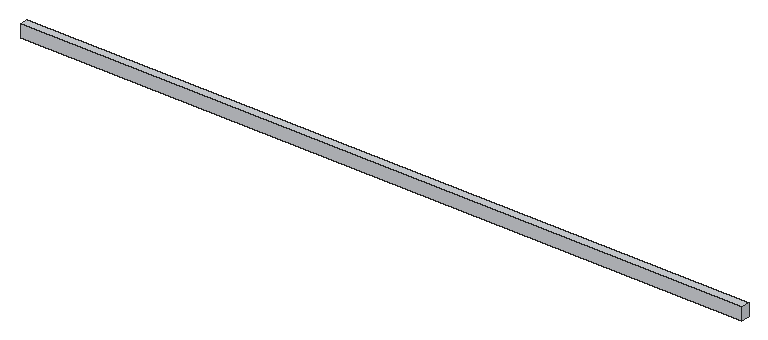
Revit family "LUMINOUS NEON RGBW 1217_NF1217RGBW", category Luminarias, Revit 2019
Family settings
  Cota de conector redondo = Diámetro de uso
  Tipo de pieza = Normal
  Se basa en plano de trabajo = Sí
  Siempre vertical = No
  Corte con vacíos al cargar = No
  Origen de luz = Sí
  Compartido = No
  Punto de cálculo de habitación = No
Parameters (values of type "LUMINOUS NEON RGBW 1217_NF1217RGBW")
  Zone [instance] = ""
  Watt per fixture [instance] = (Longitud / 1000 mm) * (16.5)  # 16.5
  Wattage = 16.5 W
  built-in parameter 1150107 = 4000 (stored number, unit not read)
  Light Source Symbol Size = 609.6 mm
  built-in parameter 1150110 = 1 (stored number, unit not read)
  built-in parameter 1150109 = 1 (stored number, unit not read)
  built-in parameter 1150112 = 1 (stored number, unit not read)
  built-in parameter 1150113 = 1 (stored number, unit not read)
  built-in parameter 1114218 = 1 (stored number, unit not read)
  built-in parameter 1150137 = (empty or 0)
  built-in parameter 1150132 = (empty or 0)
  Modelo Lampara = "2835 SMD"
  Modelo = "NF1217RGBW"
  Marca = "BRILLANT"
  Longitud de línea de emisión = 600 mm
  Longitud [instance] = 1000 mm
  built-in parameter 1150105 = 273.11 (stored number, unit not read)
  built-in parameter 1150102 = (empty or 0)
  built-in parameter 1150106 = 2.7311 (stored number, unit not read)
  Lumens = 858 lm
  Color Filter = 16777215
  built-in parameter 1114217 = 1 (stored number, unit not read)
  built-in parameter 1150139 = (empty or 0)
  Fabricante = "BRILLANT"
  Default Elevation = 0 mm
  built-in parameter 1150104 = 4.831 (stored number, unit not read)
  Descripción = "TIRA LUMINOSA NEON1217, CON UNA POTENCIA DE 16.5W/M DE UN TIPO DE LED 2835 SMD, USO PARA EXTERIORES IP67, IK 08, PRESENTACION DE 5M, CORTE 6.25CM, TEMPERATURA EN RGB 2700, 3500, 4000, 4700K, AMPERAJE A 0.6A, ALIMENTADO A 24V, REQUIERE ACCESORIOS."
  built-in parameter 1150115 = 1 (stored number, unit not read)
  built-in parameter 1150114 = 1 (stored number, unit not read)
  Costo USD_NF1217RGBW [instance] = (Longitud / 1000 mm) * (42)  # 42
  Comentarios de vataje = "24"
  built-in parameter 1150138 = (empty or 0)
  built-in parameter 1150134 = 12
  Circuit [instance] = ""
  Dimming Lamp Color Temperature Shift = (empty or 0)
  Ancho = 12 mm
  Altura = 17 mm
  built-in parameter 1150133 = 10 (stored number, unit not read)
Reference planes
  plane 1 "Centro (Frontal/Posterior)": y = 0
  plane 2: z = 0
  plane 3 "Centro (Izquierda/Derecha)": x = 0
  plane 4 "IZQ": x = -1000
  plane 5: z = 17
  plane 6: y = -6
  plane 7: y = 6
Forms (mm)
  Extrusion 1, solid
    sketch origin (0, 0, 0) x (1, 0, 0) y (0, 1, 0)
      loop
        line (-1000, 6) -> (-1000, -6) -> (0, -6) -> (0, 6) -> (-1000, 6)
    from 0 to 17
Dimensions and locks
  plane 5 to imposter light = 17 mm
  equal spacing: plane 6, plane 1 "Centro (Frontal/Posterior)", plane 7
  plane 6 to plane 1 "Centro (Frontal/Posterior)" = 6 mm
  "Ancho": plane 6 to plane 7
  "Altura": plane 5 to plane 2
  "Longitud": plane 4 "IZQ" to plane 3 "Centro (Izquierda/Derecha)"
  aligned and locked: level to plane 2
  aligned and locked: plane 4 "IZQ" to Extrusion 1
  aligned and locked: plane 5 to Extrusion 1
  aligned and locked: Extrusion 1 to plane 6
  aligned and locked: plane 3 "Centro (Izquierda/Derecha)" to Extrusion 1
Automatic sketch dimensions
  Extrusion 1 sketch curve to plane 4 "IZQ" = 0 mm
  plane 6 to Extrusion 1 sketch curve = 0 mm
  Extrusion 1 sketch curve to plane 1 "Centro (Frontal/Posterior)" = 6 mm
  plane 3 "Centro (Izquierda/Derecha)" to Extrusion 1 sketch curve = 0 mm
Connectors
  electrical at (0, 0, 8.5)
    settings: on Extrusion 1, index 1, voltage 24 V, apparent load 0 VA, apparent load phase1 0 VA, apparent load phase2 0 VA, apparent load phase3 0 VA, power factor 1, load classification "Otro", number of poles 1, system type 31, power factor state 1, is connector primary yes, connector utility no, sub classification motor no, connector description ""
